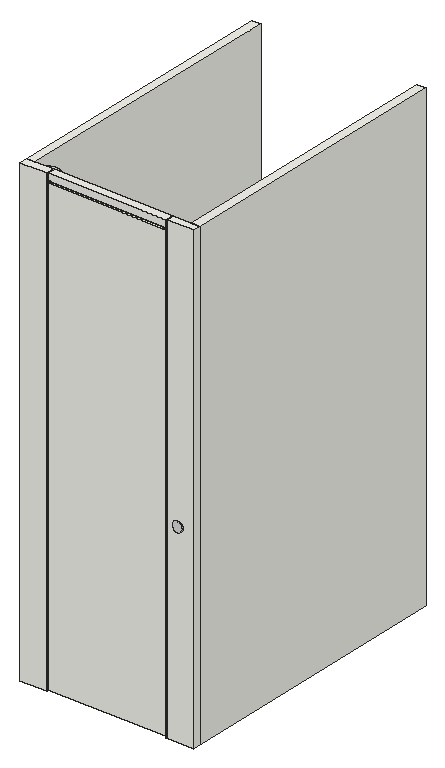
Revit family "Sanitary_Screens-Dividers_Stern-Engineering_WC-Cubicles1", category Specialty Equipment, Revit 2021
Family settings
  Round Connector Dimension = Use Diameter
  Part Type = Normal
  OmniClass Number = 23.25.40.14.14
  OmniClass Title = Sanitary Partitions and Cubicles
  Work Plane-Based = Yes
  Always vertical = Yes
  Cut with Voids When Loaded = No
  Shared = No
  Room Calculation Point = No
Parameters (values of type "Default – Create Custom Cubicles")
  z_Side 2 HPL Panel [instance] = if(Side 2 Divider, 1 = 2, if(Side 2 Panel Only, 1 = 1, 1 = 2))  # no
  z_Side 1 HPL Panel [instance] = if(Side 1 Divider, 1 = 2, if(Side 1 Panel Only, 1 = 1, 1 = 2))  # no
  Width [instance] = Real Door Width + Side 1 Partition Placement + Side 2 Partition Placement  # 895.0 mm
  Swing Side 2 [instance] = not(Swing Side 1)  # no
  Swing Side 1 [instance] = yes
  SplitSeam [instance] = if(Depth > 1540.0 mm, Depth / 2, 1540.0 mm)  # 1540.0 mm
  Side 2 Pilaster Vis [instance] = if([--Side 2 Option] < 1, 1 > 2, 1 < 2)  # yes
  Side 2 Partition Placement [instance] = if(and([--Side 2 Option] < 4, not([--Side 2 Option] = 0)), Side 2 Real Pilaster Width, if(Side 2 Middle Partition Distance from Door < Min Pilaster Width - 42.0 mm, Min Pilaster Width - 42.0 mm, Side 2 Middle Partition Distance from Door) + if([--Side 2 Option] > 3, 0.0 mm, if([--Side 2 Option] = 2, 3.0 mm, 0.0 mm)))  # 140.0 mm
  Voltage = 15 V
  Void offset [instance] = if(Depth > 1540.0 mm, 60.0 mm, 5.0 mm)  # 5.0 mm
  Side 2 Partition Selected [instance] = if([--Side 2 Option] < 1, "No Pilaster or Partition", if([--Side 2 Option] = 1, "End Pilaster NO Partition", if([--Side 2 Option] = 2, "End Pilaster with HPL Finish Panel", if([--Side 2 Option] = 3, "End Pilaster with Standard Partition", if([--Side 2 Option] = 4, "Middle Pilaster NO Partition", "Middle Pilaster with Standard Partition")))))  # "End Pilaster with Standard Partition"
  Side 2 Panel Only [instance] = if([--Side 2 Option] = 2, 1 < 2, 1 > 2)  # no
  Side 2 Real Pilaster Width [instance] = if(Side 2 Desired Pilaster Width < [-- Side 2 Min Required Pilaster Width], [-- Side 2 Min Required Pilaster Width], Side 2 Desired Pilaster Width)  # 140.0 mm
  Side 2 Middle Partition Distance from Door [instance] = 140.0 mm
  Side 2 Divider Positioning [instance] = if(and(Required Clearance for Door Hardware, or([--Side 2 Option] < 1, [--Side 2 Option] = 4)), 1 < 2, 1 > 2)  # no
  Side 2 Divider [instance] = if(or([--Side 2 Option] > 4, [--Side 2 Option] = 3), 1 < 2, 1 > 2)  # yes
  Side 1 Middle Partition Distance from Door [instance] = 140.0 mm
  Hardware Finish [instance] = Stern Engineering - Metal - Brushed
  Frame Finish [instance] = Stern Engineering - Metal - Natural anodized
  Cubicle Finish [instance] = Stern Engineering - HPL - Ivory White
  --Side 2 Option [instance] = 3
  Side 1 Pilaster Vis [instance] = if([--Side 1 Option] < 1, 1 > 2, 1 < 2)  # yes
  Side 1 Partition Selected [instance] = if([--Side 1 Option] < 1, "No Pilaster or Partition", if([--Side 1 Option] = 1, "End Pilaster NO Partition", if([--Side 1 Option] = 2, "End Pilaster with HPL Finish Panel", if([--Side 1 Option] = 3, "End Pilaster with Standard Partition", if([--Side 1 Option] = 4, "Middle Pilaster NO Partition", "Middle Pilaster with Standard Partition")))))  # "End Pilaster with Standard Partition"
  Side 1 Panel Only [instance] = if([--Side 1 Option] = 2, 1 < 2, 1 > 2)  # no
  Side 1 Real Pilaster Width [instance] = if(Side 1 Desired Pilaster Width < [-- Side 1 Min Required Pilaster Width], [-- Side 1 Min Required Pilaster Width], Side 1 Desired Pilaster Width)  # 140.0 mm
  Side 1 Divider Positioning [instance] = if(and(Required Clearance for Door Hardware, or([--Side 1 Option] < 1, [--Side 1 Option] = 4)), 1 < 2, 1 > 2)  # no
  Side 1 Divider [instance] = if(or([--Side 1 Option] > 4, [--Side 1 Option] = 3), 1 < 2, 1 > 2)  # yes
  --Side 1 Option [instance] = 3
  Required Clearance for Door Hardware [instance] = yes
  Real Height [instance] = if(Height > Max Height, Max Height, Height)  # 2400.0 mm
  Side 1 Partition Placement [instance] = if(and([--Side 1 Option] < 4, not([--Side 1 Option] = 0)), Side 1 Real Pilaster Width, if(Side 1 Middle Partition Distance from Door < Min Pilaster Width - 42.0 mm, Min Pilaster Width - 42.0 mm, Side 1 Middle Partition Distance from Door) + if([--Side 1 Option] > 3, 0.0 mm, if([--Side 1 Option] = 2, 3.0 mm, 0.0 mm)))  # 140.0 mm
  z_Electrical Connection [instance] = if(Automatic Door, Electrical Connection, 1 = 2)  # yes
  Real Door Width [instance] = if(Door Width < Min Door Width, Min Door Width, if(Door Width > Max Door Width, Max Door Width, Door Width))  # 615.0 mm
  z_Array Count [instance] = if(z_Electrical Connection, 3, 2)  # 3
  Version = 1
  URL = "https://sternfaucets.com/"
  Top Rail [instance] = 1 = 1  # yes
  Top Clearance [instance] = 7.5 mm
  Toe Clearance [instance] = 7.5 mm
  Side 2 HPL Panel connection [instance] = if(and(z_Side 2 HPL Panel, Depth > 1541.0 mm), 1 = 1, 1 = 2)  # no
  Side 2 divider connection [instance] = if(and(Side 2 Divider, Depth > 1541.0 mm), 1 = 1, 1 = 2)  # no
  Side 2 Desired Pilaster Width [instance] = 140.0 mm
  Sensor [instance] = if(Automatic Door, 1 = 1, 1 = 2)  # yes
  Real Top Clearance [instance] = if(Top Clearance < 7.5 mm, 7.5 mm, Top Clearance)  # 7.5 mm
  Real Toe Clearance [instance] = if(Toe Clearance > Max Toe Clearance, Max Toe Clearance, if(Toe Clearance < Min Toe Clearance, Min Toe Clearance, Toe Clearance))  # 7.5 mm
  Product data url = "https://bimobject.com/stern-engineering/product/touchless-wc-cubicles"
  Power Factor = 1
  Power Connector Description = "Power Connection"  # constant formula
  Side 1 HPL Panel connection [instance] = if(and(z_Side 1 HPL Panel, Depth > 1541.0 mm), 1 = 1, 1 = 2)  # no
  Side 1 divider connection [instance] = if(and(Side 1 Divider, Depth > 1541.0 mm), 1 = 1, 1 = 2)  # no
  Out-swing [instance] = not([In-swing])  # no
  Number of Poles = 1
  Model = "Touchless WC Cubicles"
  Min Height [instance] = 1000.0 mm  # constant formula
  Min Cubicle Width [instance] = Min Door Width + (Min Pilaster Width * 2)  # 895.0 mm
  Max Door Width [instance] = 1000.0 mm  # constant formula
  Manufacturer = "Stern Engineering"  # constant formula
  Manual Door [instance] = no
  Min Pilaster Width [instance] = if(Automatic Door, 140.0 mm, 120.0 mm)  # 140.0 mm
  Min Door Width [instance] = 615.0 mm  # constant formula
  Min Toe Clearance [instance] = 7.5 mm  # constant formula
  Max Individual Partition Depth [instance] = 1520.0 mm  # constant formula
  Max Height [instance] = 2900.0 mm  # constant formula
  Max Toe Clearance [instance] = 228.6 mm  # constant formula
  Side 1 Desired Pilaster Width [instance] = 140.0 mm
  Interior Width [instance] = if(and(Side 1 Divider, Side 2 Divider), Width - 84.0 mm, if(or(Side 1 Divider, Side 2 Divider), Width - 42.0 mm, Width))  # 811.0 mm
  In-swing [instance] = yes
  Height [instance] = 2400.0 mm
  Electrical Connection Offset [instance] = if(and(Automatic Door, Swing Side 2), 120.0 mm + Real Door Width, 0.0 mm)  # 0.0 mm
  Electrical Connection [instance] = yes
  Door Width [instance] = 615.0 mm
  Description = "Fully integrated access system that offers door control from the exterior and interior of the cubicle using hand proximity sensors. The sensor and LED indicator mechanism on the exterior of the system resembles a standard door lock. On the interior of the door, the sensor and LED indicator mechanism appear as a regular circular handle. The system runs using 24 volt electrical power using a transformer from the main power source for up to 4 cubicles together. Wiring happens during manufacturing, no wiring is requiring during the installation."
  Depth [instance] = 1500.0 mm
  Default Elevation = 0.0 mm
  Date Updated = ""
  Date Created = "2023/10/20"
  Current = 0 A
  Automatic Door [instance] = not(Manual Door)  # yes
  Apparent Load = (Voltage * Current) / (Power Factor / Number of Poles)  # 0 VA
  -- Side 2 Min Required Pilaster Width [instance] = if([--Side 2 Option] > 3, (Min Pilaster Width * 2) - 42.0 mm, Min Pilaster Width)  # 140.0 mm
  -- Side 1 Min Required Pilaster Width [instance] = if([--Side 1 Option] > 3, (Min Pilaster Width * 2) - 42.0 mm, Min Pilaster Width)  # 140.0 mm
Reference planes
  plane 1 "Center (Front/Back)": y = 0
  plane 2: z = 0
  plane 3 "Center (Left/Right)": x = -54.5
  plane 4: x = -460
  plane 5: x = 351
  plane 6: y = 1500
  plane 7: y = 42
  plane 8: x = -362
  plane 9: x = 253
  plane 10: z = 2400
  plane 11: x = -502
  plane 12: x = 393
  plane 13: x = 313
  plane 14: x = 313
  plane 15: z = 1000
  plane 16: x = -447
  plane 17: x = -442
  plane 18: y = 1540
  plane 19: x = 338
  plane 20: x = 333
  plane 21: y = 1540
  plane 22: y = -3
  plane 23: y = 89
  plane 24: x = -363.3
  plane 25: x = 254.3
  plane 26: y = 1540
  plane 27: y = 1540
  plane 28: x = 393
  plane 29: x = -502
  plane 30: x = -502
  plane 31: x = -460
  plane 32: x = 393
  plane 33: x = 351
Forms (mm)
  Extrusion 1, solid, material "Stern Engineering - HPL - Ivory White" <- "Cubicle Finish", visible <- "Side 1 Pilaster Vis"
    sketch origin (0, 0, 0) x (1, 0, 0) y (0, 1, 0)
      loop
        line (-502, 0) -> (-363.3, 0) -> (-363.3, 42) -> (-502, 42) -> (-502, 0)
    from 0 to 2400
  Extrusion 2, solid, material "Stern Engineering - HPL - Ivory White" <- "Cubicle Finish", visible <- "Side 2 Pilaster Vis"
    sketch origin (0, 0, 0) x (1, 0, 0) y (0, 1, 0)
      loop
        line (393, 42) -> (254.3, 42) -> (254.3, 0) -> (393, 0) -> (393, 42)
    from 0 to 2400
  Extrusion 3, solid, material "Stern Engineering - HPL - Ivory White" <- "Cubicle Finish", visible <- "z_Side 1 HPL Panel"
    sketch origin (0, 0, 0) x (1, 0, 0) y (0, 1, 0)
      loop
        line (-502, 42) -> (-499, 42) -> (-499, 1500) -> (-502, 1500) -> (-502, 42)
    from 0 to 2400
  Extrusion 4, solid, material "Stern Engineering - HPL - Ivory White" <- "Cubicle Finish", visible <- "z_Side 2 HPL Panel"
    sketch origin (0, 0, 0) x (1, 0, 0) y (0, 1, 0)
      loop
        line (393, 42) -> (393, 1500) -> (390, 1500) -> (390, 42) -> (393, 42)
    from 0 to 2400
  Extrusion 5, solid, material "Stern Engineering - HPL - Ivory White" <- "Cubicle Finish", visible <- "Side 1 Divider"
    sketch origin (0, -157.685, 0) x (1, 0, 0) y (0, 1, 0)
      loop
        line (-502, 199.685) -> (-460, 199.685) -> (-460, 1657.685) -> (-502, 1657.685) -> (-502, 199.685)
    from 0 to 2400
  Extrusion 6, solid, not visible
    sketch origin (958.566, 21, -1000) x (1, 0, 0) y (0, 0, 1)
      loop
        circle (-640.566, 1000) r 5
    from 0 to 1.41
  Extrusion 7, solid, not visible
    sketch origin (958.566, 21, -1000) x (1, 0, 0) y (0, 0, 1)
      loop
        circle (-640.566, 1000) r 5
    from 0 to 1.41
  Extrusion 8, void
    sketch origin (0, 0, 0) x (1, 0, 0) y (0, 1, 0)
      loop
        line (-442, 1540.5) -> (-447, 1540.5) -> (-447, 1539.5) -> (-442, 1539.5) -> (-442, 1540.5)
    from 0 to 2400
  Extrusion 9, void
    sketch origin (0, 0, 0) x (-1, 0, 0) y (0, -1, 0)
      loop
        line (-333, -1540.5) -> (-333, -1539.5) -> (-338, -1539.5) -> (-338, -1540.5) -> (-333, -1540.5)
    from 0 to 2400
  Extrusion 10, solid, material "Stern Engineering - HPL - Ivory White" <- "Cubicle Finish", visible <- "Side 2 Divider"
    sketch origin (0, -157.685, 0) x (-1, 0, 0) y (0, -1, 0)
      loop
        line (-393, -199.685) -> (-393, -1657.685) -> (-351, -1657.685) -> (-351, -199.685) -> (-393, -199.685)
    from 0 to 2400
  Extrusion 11, solid, material "Stern Engineering - Metal - Chrome", visible <- "Sensor"
    sketch origin (0, 0, 0) x (1, 0, 0) y (0, 0, 1)
      loop
        circle (313, 1000) r 26
    from 0 to 3
  Extrusion 12, solid, material "Stern Engineering - Metal - Chrome", visible <- "Sensor"
    sketch origin (0, 0, 0) x (1, 0, 0) y (0, 0, 1)
      loop
        circle (313, 1000) r 22.5
    from -42 to -89
  Extrusion 13, solid, material "Stern Engineering - Metal - Natural anodized" <- "Frame Finish"
    sketch origin (0, 0, 0) x (1, 0, 0) y (0, 1, 0)
      loop
        line (253, 42) -> (253, 0) -> (254.3, 0) -> (254.3, 42) -> (253, 42)
    from 0 to 2400
  Extrusion 14, solid, material "Stern Engineering - Metal - Natural anodized" <- "Frame Finish"
    sketch origin (-52.031, 0, 0) x (-1, 0, 0) y (0, -1, 0)
      loop
        line (309.969, -42) -> (311.269, -42) -> (311.269, 0) -> (309.969, 0) -> (309.969, -42)
    from 0 to 2400
  Extrusion 15, solid, material "Stern Engineering - Metal - Natural anodized" <- "Frame Finish", visible <- "Side 2 divider connection"
    sketch origin (0, 0, 0) x (-1, 0, 0) y (0, -1, 0)
      loop
        line (-394.317, -1542.508) -> (-393, -1542.508) -> (-393, -1540.5) -> (-351, -1540.5) -> (-351, -1542.508) -> (-349.701, -1542.508) -> (-349.701, -1537.492) -> (-351, -1537.492) -> (-351, -1539.5) -> (-393, -1539.5) -> (-393, -1537.492) -> (-394.317, -1537.492) -> (-394.317, -1542.508)
    from 0 to 2400
  Extrusion 16, solid, material "Stern Engineering - Metal - Natural anodized" <- "Frame Finish", visible <- "Side 1 HPL Panel connection"
    sketch origin (0, 0, 0) x (1, 0, 0) y (0, 1, 0)
      loop
        line (-497.701, 1542.508) -> (-499, 1542.508) -> (-499, 1540.5) -> (-502, 1540.5) -> (-502, 1539.5) -> (-499, 1539.5) -> (-499, 1537.492) -> (-497.701, 1537.492) -> (-497.701, 1542.508)
    from 0 to 2400
  Extrusion 17, solid, material "Stern Engineering - Metal - Natural anodized" <- "Frame Finish", visible <- "Side 2 HPL Panel connection"
    sketch origin (0, 0, 0) x (-1, 0, 0) y (0, -1, 0)
      loop
        line (-388.701, -1542.508) -> (-388.701, -1537.492) -> (-390, -1537.492) -> (-390, -1539.5) -> (-393, -1539.5) -> (-393, -1540.5) -> (-390, -1540.5) -> (-390, -1542.508) -> (-388.701, -1542.508)
    from 0 to 2400
  Extrusion 18, solid, not visible
    sketch origin (958.566, 21, -1000) x (1, 0, 0) y (0, 0, 1)
      loop
        circle (-640.566, 1000) r 5
    from 0 to 1.41
  Extrusion 19, solid, material "Stern Engineering - Metal - Natural anodized" <- "Frame Finish", visible <- "Side 1 divider connection"
    sketch origin (0, 0, 0) x (1, 0, 0) y (0, 1, 0)
      loop
        line (-503.317, 1542.508) -> (-503.317, 1537.492) -> (-502, 1537.492) -> (-502, 1539.5) -> (-460, 1539.5) -> (-460, 1537.492) -> (-458.701, 1537.492) -> (-458.701, 1542.508) -> (-460, 1542.508) -> (-460, 1540.5) -> (-502, 1540.5) -> (-502, 1542.508) -> (-503.317, 1542.508)
    from 0 to 2400
  Extrusion 20, solid, material "Stern Engineering - Clearance Zone", visible <- "Side 1 Divider Positioning"
    sketch origin (0, 0, 0) x (1, 0, 0) y (0, 1, 0)
      loop
        line (-502, 42) -> (-460, 42) -> (-460, 1500) -> (-502, 1500) -> (-502, 42)
    from 0 to 2400
  Extrusion 21, solid, material "Stern Engineering - Clearance Zone", visible <- "Side 2 Divider Positioning"
    sketch origin (0, 0, 0) x (1, 0, 0) y (0, 1, 0)
      loop
        line (351, 1500) -> (351, 42) -> (393, 42) -> (393, 1500) -> (351, 1500)
    from 0 to 2400
Cuts and joins
  Extrusion 8, Extrusion 9 cuts Extrusion 3
  Extrusion 8, Extrusion 9 cuts Extrusion 5
  Extrusion 9 cuts Extrusion 2
  Extrusion 9 cuts Extrusion 4
  Extrusion 9 cuts Extrusion 10
Lines and regions (mm)
  Masking region 1, visible <- "Sensor", detail levels medium+fine
    outline origin (0, 0, 0) x (1, 0, 0) y (0, 1, 0)
      loop
        line (335.5, 89) -> (290.5, 89) -> (290.5, 42) -> (335.5, 42) -> (335.5, 89)
      loop
        line (339, 0) -> (287, 0) -> (287, -3) -> (339, -3) -> (339, 0)
  Masking region 2, visible <- "Side 1 Pilaster Vis"
    outline origin (0, 0, 0) x (1, 0, 0) y (0, 1, 0)
      loop
        line (-362, 42) -> (-502, 42) -> (-502, 0) -> (-362, 0) -> (-362, 42)
  Masking region 3, visible <- "Side 1 Divider"
    outline origin (0, 0, 0) x (1, 0, 0) y (0, 1, 0)
      loop
        line (-502, 42) -> (-460, 42) -> (-460, 1500) -> (-502, 1500) -> (-502, 42)
  Masking region 4, visible <- "Side 2 Pilaster Vis"
    outline origin (0, 0, 0) x (1, 0, 0) y (0, 1, 0)
      loop
        line (253, 42) -> (253, 0) -> (393, 0) -> (393, 42) -> (253, 42)
  Masking region 5, visible <- "Side 2 Divider"
    outline origin (0, 0, 0) x (1, 0, 0) y (0, 1, 0)
      loop
        line (351, 42) -> (393, 42) -> (393, 1500) -> (351, 1500) -> (351, 42)
  Masking region 6, visible <- "z_Side 2 HPL Panel"
    outline origin (0, 0, 0) x (1, 0, 0) y (0, 1, 0)
      loop
        line (393, 42) -> (393, 1500) -> (390, 1500) -> (390, 42) -> (393, 42)
  Masking region 7, visible <- "z_Side 1 HPL Panel"
    outline origin (0, 0, 0) x (1, 0, 0) y (0, 1, 0)
      loop
        line (-502, 42) -> (-499, 42) -> (-499, 1500) -> (-502, 1500) -> (-502, 42)
  Masking region 8, visible <- "Side 2 HPL Panel connection"
    outline origin (0, 0, 0) x (1, 0, 0) y (0, 1, 0)
      loop
        line (393, 1539.5) -> (393, 1540.5) -> (390, 1540.5) -> (390, 1542.508) -> (388.701, 1542.508) -> (388.701, 1537.492) -> (390, 1537.492) -> (390, 1539.5) -> (393, 1539.5)
  Masking region 9, visible <- "Side 1 divider connection"
    outline origin (0, 0, 0) x (1, 0, 0) y (0, 1, 0)
      loop
        line (-502, 1542.508) -> (-503.317, 1542.508) -> (-503.317, 1537.492) -> (-502, 1537.492) -> (-502, 1539.5) -> (-460, 1539.5) -> (-460, 1537.492) -> (-458.701, 1537.492) -> (-458.701, 1542.508) -> (-460, 1542.508) -> (-460, 1540.5) -> (-502, 1540.5) -> (-502, 1542.508)
  Masking region 10, visible <- "Side 2 divider connection"
    outline origin (0, 0, 0) x (1, 0, 0) y (0, 1, 0)
      loop
        line (394.317, 1537.492) -> (394.317, 1542.508) -> (393, 1542.508) -> (393, 1540.5) -> (351, 1540.5) -> (351, 1542.508) -> (349.701, 1542.508) -> (349.701, 1537.492) -> (351, 1537.492) -> (351, 1539.5) -> (393, 1539.5) -> (393, 1537.492) -> (394.317, 1537.492)
  Masking region 11, visible <- "Side 1 HPL Panel connection"
    outline origin (0, 0, 0) x (1, 0, 0) y (0, 1, 0)
      loop
        line (-497.701, 1542.508) -> (-499, 1542.508) -> (-499, 1540.5) -> (-502, 1540.5) -> (-502, 1539.5) -> (-499, 1539.5) -> (-499, 1537.492) -> (-497.701, 1537.492) -> (-497.701, 1542.508)
  symbolic lines, style "Clearance", visible <- "Side 1 Divider Positioning"
    curve 1: line (-502, 1500, 0) -> (-460, 1500, 0)
    curve 2: line (-502, 42, 0) -> (-502, 1500, 0)
    curve 3: line (-460, 42, 0) -> (-502, 42, 0)
    curve 4: line (-460, 1500, 0) -> (-460, 42, 0)
  symbolic lines, style "Clearance", visible <- "Side 2 Divider Positioning"
    curve 5: line (351, 1500, 0) -> (393, 1500, 0)
    curve 6: line (351, 42, 0) -> (351, 1500, 0)
    curve 7: line (393, 42, 0) -> (351, 42, 0)
    curve 8: line (393, 1500, 0) -> (393, 42, 0)
Dimensions and locks
  locked: plane 1 "Center (Front/Back)" to plane 7 at 42
  "Real Door Width": plane 8 to plane 9
  "Real Height": plane 10 to level
  plane 4 to plane 5 = 811.0 mm
  locked: plane 11 to plane 4 at 42
  locked: plane 5 to plane 12 at 42
  locked: plane 15 to level at 1000
  locked: plane 14 to plane 9 at 60
  "Electrical Connection Offset": plane 14 to plane 13
  equal spacing: group 1, group 2, group 3  (x3)
  locked: plane 4 to plane 17 at 18
  "Void offset": plane 16 to plane 17
  "SplitSeam": plane 18 to plane 1 "Center (Front/Back)"
  "SplitSeam": plane 21 to plane 1 "Center (Front/Back)"
  locked: plane 20 to plane 5 at 18
  "Void offset": plane 20 to plane 19
  locked: plane 1 "Center (Front/Back)" to plane 22 at 3
  locked: plane 23 to plane 7 at 47
  locked: plane 24 to plane 8 at 1.3
  locked: plane 9 to plane 25 at 1.3
  plane 9 to Extrusion 13 = 1.3 mm
  equal spacing: Extrusion 15 sketch curve, plane 26, Extrusion 15 sketch curve  (x2)
  locked: Extrusion 15 sketch curve to Extrusion 15 sketch curve at 5.015
  locked: Extrusion 15 sketch curve to Extrusion 15 sketch curve at 1
  locked: plane 12 to Extrusion 15 sketch curve at 1.317
  locked: Extrusion 15 sketch curve to plane 5 at 1.299
  "SplitSeam": plane 26 to plane 1 "Center (Front/Back)"
  equal spacing: Extrusion 8 sketch curve, plane 18, Extrusion 8 sketch curve
  locked: Extrusion 8 sketch curve to Extrusion 8 sketch curve at 1
  equal spacing: Extrusion 9 sketch curve, plane 21, Extrusion 9 sketch curve
  locked: Extrusion 9 sketch curve to Extrusion 9 sketch curve at 1
  Extrusion 16 sketch curve to plane 4 = 37.701 mm
  locked: Extrusion 17 sketch curve to Extrusion 17 sketch curve at 1.299
  "Side 1 Partition Placement": plane 11 to plane 8
  "Side 2 Partition Placement": plane 9 to plane 12
  locked: Extrusion 16 sketch curve to Extrusion 16 sketch curve at 3
  locked: Extrusion 16 sketch curve to Extrusion 16 sketch curve at 1.299
  locked: cut or joined group of Extrusion 5, Extrusion 8, Extrusion 9 to Extrusion 3 sketch curve at 3
  locked: Masking region 6 sketch curve to plane 12 at 3
  locked: Extrusion 4 sketch curve to cut or joined group of Extrusion 9, Extrusion 10 at 3
  locked: Extrusion 17 sketch curve to plane 12 at 4.299
  locked: plane 11 to Extrusion 16 sketch curve at 4.299
  equal spacing: Extrusion 19 sketch curve, plane 27, Extrusion 19 sketch curve  (x2)
  locked: Extrusion 19 sketch curve to Extrusion 19 sketch curve at 5.015
  locked: Extrusion 19 sketch curve to Extrusion 19 sketch curve at 1
  locked: Extrusion 19 sketch curve to Extrusion 19 sketch curve at 1.317
  locked: Extrusion 19 sketch curve to Extrusion 19 sketch curve at 1.299
  locked: plane 4 to Extrusion 19 sketch curve at 1.299
  equal spacing: plane 8, plane 3 "Center (Left/Right)", plane 9
  "Depth": plane 1 "Center (Front/Back)" to plane 6
  "SplitSeam": plane 27 to plane 1 "Center (Front/Back)"
  "Side 1 Real Pilaster Width": plane 29 to plane 8
  "Side 2 Real Pilaster Width": plane 9 to plane 28
  locked: plane 33 to plane 32 at 42
  locked: plane 30 to plane 31 at 42
  "Min Pilaster Width": plane 30 to plane 8
  "Min Pilaster Width": plane 9 to plane 32
  aligned and locked: plane 2 to level
  aligned and locked: Extrusion 2 sketch curve to plane 7
  aligned and locked: Extrusion 2 sketch curve to plane 1 "Center (Front/Back)"
  aligned and locked: Extrusion 1 sketch curve to plane 1 "Center (Front/Back)"
  aligned and locked: Extrusion 1 sketch curve to plane 7
  aligned and locked: Extrusion 2 to Extrusion 1
  aligned and locked: Extrusion 3 sketch curve to plane 7
  aligned and locked: plane 6 to Extrusion 3 sketch curve
  aligned and locked: Extrusion 3 to level
  aligned and locked: plane 10 to Extrusion 3
  aligned and locked: plane 6 to Extrusion 4 sketch curve
  aligned and locked: plane 7 to Extrusion 4 sketch curve
  aligned and locked: Extrusion 4 to level
  aligned and locked: plane 10 to Extrusion 4
  aligned and locked: Extrusion 5 to plane 7
  aligned and locked: plane 6 to Extrusion 5
  aligned and locked: plane 16 to Extrusion 8 sketch curve
  aligned and locked: Extrusion 8 sketch curve to plane 17
  aligned and locked: Extrusion 8 to level
  aligned and locked: plane 10 to Extrusion 8
  aligned and locked: Extrusion 5 to level
  aligned and locked: plane 10 to Extrusion 5
  aligned and locked: Extrusion 9 sketch curve to plane 19
  aligned and locked: plane 20 to Extrusion 9 sketch curve
  aligned and locked: plane 12 to Extrusion 10
  aligned and locked: Extrusion 10 to plane 5
  aligned and locked: Extrusion 10 to plane 7
  aligned and locked: Extrusion 10 to plane 6
  aligned and locked: Extrusion 10 to level
  aligned and locked: plane 10 to Extrusion 10
  aligned and locked: Extrusion 9 to level
  aligned and locked: plane 10 to Extrusion 9
  aligned and locked: Extrusion 11 to plane 1 "Center (Front/Back)"
  aligned and locked: plane 22 to Extrusion 11
  aligned and locked: plane 13 to Extrusion 11 sketch curve
  aligned and locked: plane 15 to Extrusion 11 sketch curve
  aligned and locked: plane 13 to Extrusion 12 sketch curve
  aligned and locked: plane 15 to Extrusion 12 sketch curve
  aligned and locked: Extrusion 12 to plane 7
  aligned and locked: Extrusion 12 to plane 23
  aligned and locked: Masking region 1 sketch curve to Extrusion 12  (x3)
  aligned and locked: Extrusion 11 to Masking region 1 sketch curve
  aligned and locked: Masking region 1 sketch curve to Extrusion 11  (x2)
  aligned and locked: Masking region 2 sketch curve to Extrusion 1
  aligned and locked: Extrusion 1 to Masking region 2 sketch curve
  aligned and locked: Masking region 3 sketch curve to Extrusion 1
  aligned and locked: cut or joined group of Extrusion 5, Extrusion 8, Extrusion 9 to Masking region 3 sketch curve
  aligned and locked: plane 6 to Masking region 3 sketch curve
  aligned and locked: plane 4 to Masking region 3 sketch curve
  aligned and locked: Masking region 4 sketch curve to cut or joined group of Extrusion 2, Extrusion 9  (x3)
  aligned and locked: cut or joined group of Extrusion 9, Extrusion 10 to Masking region 5 sketch curve
  aligned and locked: Masking region 5 sketch curve to cut or joined group of Extrusion 9, Extrusion 10  (x3)
  aligned and locked: cut or joined group of Extrusion 4, Extrusion 9 to Masking region 6 sketch curve
  aligned and locked: Masking region 6 sketch curve to cut or joined group of Extrusion 4, Extrusion 9
  aligned and locked: cut or joined group of Extrusion 3, Extrusion 8, Extrusion 9 to Masking region 7 sketch curve  (x2)
  aligned and locked: Masking region 7 sketch curve to cut or joined group of Extrusion 3, Extrusion 8, Extrusion 9  (x2)
  aligned and locked: plane 24 to Extrusion 1
  aligned and locked: Masking region 4 to plane 9
  aligned and locked: cut or joined group of Extrusion 2, Extrusion 9 to plane 25
  aligned and locked: plane 8 to Masking region 2 sketch curve
  aligned and locked: Extrusion 13 sketch curve to plane 7
  aligned and locked: plane 9 to Extrusion 13 sketch curve
  aligned and locked: Extrusion 13 sketch curve to cut or joined group of Extrusion 2, Extrusion 9
  aligned and locked: Extrusion 13 sketch curve to plane 25
  aligned and locked: Extrusion 13 to level
  aligned and locked: plane 10 to Extrusion 13
  aligned and locked: plane 7 to Extrusion 14
  aligned and locked: plane 1 "Center (Front/Back)" to Extrusion 14
  aligned and locked: Extrusion 14 to plane 24
  aligned and locked: plane 8 to Extrusion 14 sketch curve
  aligned and locked: plane 10 to Extrusion 14
  aligned and locked: Extrusion 14 to level
  aligned and locked: plane 10 to Extrusion 1
  aligned and locked: nested 1 to plane 8
  aligned and locked: plane 1 "Center (Front/Back)" to nested 1
  aligned and locked: plane 10 to nested 1
  aligned and locked: Extrusion 15 sketch curve to Extrusion 15 sketch curve  (x2)
  aligned and locked: plane 5 to Extrusion 15 sketch curve  (x2)
  aligned and locked: Extrusion 15 sketch curve to plane 12  (x2)
  aligned and locked: plane 10 to Extrusion 15
  aligned and locked: Extrusion 16 to level
  aligned and locked: plane 10 to Extrusion 16
  aligned and locked: Extrusion 17 sketch curve to Extrusion 17 sketch curve
  aligned and locked: Extrusion 15 to Extrusion 17 sketch curve  (x2)
  aligned and locked: Extrusion 17 sketch curve to Extrusion 15  (x2)
  aligned and locked: Extrusion 17 to Masking region 8 sketch curve  (x3)
  aligned and locked: Masking region 8 sketch curve to Extrusion 17  (x3)
  aligned and locked: plane 10 to Extrusion 17
  aligned and locked: Masking region 10 sketch curve to Extrusion 15  (x12)
  aligned and locked: Extrusion 16 sketch curve to Extrusion 16 sketch curve
  aligned and locked: Extrusion 3 sketch curve to plane 11
  aligned and locked: plane 4 to Extrusion 5 sketch curve
  aligned and locked: plane 12 to Masking region 6 sketch curve
  aligned and locked: Extrusion 4 sketch curve to plane 12
  aligned and locked: Extrusion 17 sketch curve to plane 12
  aligned and locked: Extrusion 16 sketch curve to cut or joined group of Extrusion 5, Extrusion 8, Extrusion 9  (x2)
  aligned and locked: Masking region 11 sketch curve to Extrusion 16  (x8)
  aligned and locked: Extrusion 19 sketch curve to Extrusion 19 sketch curve  (x4)
  aligned and locked: Extrusion 19 to Masking region 9 sketch curve  (x3)
  aligned and locked: Masking region 9 sketch curve to Extrusion 19  (x9)
  aligned and locked: plane 10 to Extrusion 19
  aligned and locked: Extrusion 18 to plane 13
  aligned and locked: Extrusion 6 to plane 13
  aligned and locked: Extrusion 5 sketch curve to plane 11
  aligned and locked: Extrusion 1 to plane 29
  aligned and locked: Masking region 2 to plane 29
  aligned and locked: plane 28 to Extrusion 2
  aligned and locked: plane 6 to Extrusion 20 sketch curve
  aligned and locked: Extrusion 20 sketch curve to plane 7
  aligned and locked: plane 10 to Extrusion 20
  aligned and locked: curve 1 to Extrusion 20
  aligned and locked: curve 3 to Extrusion 20
  aligned and locked: plane 7 to Extrusion 21 sketch curve
  aligned and locked: plane 6 to Extrusion 21 sketch curve
  aligned and locked: curve 5 to Extrusion 21
  aligned and locked: curve 7 to Extrusion 21
  aligned and locked: plane 10 to Extrusion 21
  aligned and locked: Extrusion 20 sketch curve to plane 30
  aligned and locked: Extrusion 20 sketch curve to plane 31
  aligned and locked: plane 32 to Extrusion 21 sketch curve
  aligned and locked: Extrusion 21 sketch curve to plane 33
Automatic sketch dimensions
  Extrusion 2 sketch curve to plane 25 = 0.0 mm
  plane 12 to Extrusion 2 sketch curve = 0.0 mm
  Extrusion 5 sketch curve to plane 7 = 0.0 mm
  Extrusion 5 sketch curve to plane 6 = 0.0 mm
  plane 6 to Extrusion 10 sketch curve = 0.0 mm
  Extrusion 10 sketch curve to plane 12 = 0.0 mm
  Extrusion 10 sketch curve to plane 5 = 0.0 mm
  plane 7 to Extrusion 10 sketch curve = 0.0 mm
  Masking region 4 sketch curve to plane 9 = 0.0 mm
  plane 1 "Center (Front/Back)" to Extrusion 14 sketch curve = 0.0 mm
  Extrusion 14 sketch curve to plane 24 = 0.0 mm
  Extrusion 14 sketch curve to plane 7 = 0.0 mm
  Extrusion 16 sketch curve to Extrusion 16 sketch curve = 2.008 mm  (x2)
  Masking region 8 sketch curve to Masking region 8 sketch curve = 1.299 mm
  Masking region 8 sketch curve to Masking region 8 sketch curve = 0.0 mm
  Masking region 1 sketch curve to plane 13 = 26.0 mm
  Masking region 1 sketch curve to plane 13 = 22.5 mm
  Extrusion 1 sketch curve to plane 24 = 0.0 mm
  plane 29 to Extrusion 1 sketch curve = 0.0 mm
  plane 29 to Masking region 2 sketch curve = 0.0 mm
  curve 3 to plane 30 = 0.0 mm
  curve 3 to plane 31 = 0.0 mm
  curve 5 to plane 32 = 0.0 mm
  curve 5 to plane 33 = 0.0 mm
  Extrusion 19 sketch curve to plane 11 = 0.0 mm
  radius of Extrusion 6 sketch curve = 5.0 mm
  radius of Extrusion 7 sketch curve = 5.0 mm
  radius of Extrusion 18 sketch curve = 5.0 mm
  radius of Extrusion 11 sketch curve = 26.0 mm
  radius of Extrusion 12 sketch curve = 22.5 mm
Nested families
  nested 1: "Door_new" at (-54.5, 0, 0), Inswing <- "In-swing", Left Handed <- "Swing Side 1", Manual Door <- "Manual Door", Outswing <- "Out-swing", Right Handed <- "Swing Side 2", Automatic Door <- "Automatic Door", Door Materials <- "Cubicle Finish", Handle Materials <- "Hardware Finish", Profile Materials <- "Frame Finish", Door Width <- "Real Door Width", Door Height <- "Real Height", Top Plank <- "Top Rail", Toe Clearance Top <- "Real Top Clearance", Toe Clearance Bottom <- "Real Toe Clearance", type "Door_new"
    with z_Top 38.0 mm, z_Right Handed Out no, z_Right Handed In no, z_Left Handed Out no, z_Left Handed In yes, Top Plank yes, Toe Clearance Top 7.5 mm, Toe Clearance Bottom 7.5 mm, Right Side Pusher no, Right Side Handle no, Right Handed no, Profile Materials Stern Engineering - Metal - Natural anodized, Outswing no, Manual Door no, Left Side Pusher yes, Left Side Handle no, Left Handed yes, Inswing yes, Handle Materials Stern Engineering - Metal - Brushed, Door Width 615.0 mm, Door Materials Stern Engineering - HPL - Ivory White, Door Height 2400.0 mm, Automatic Door yes
Connectors
  electrical at (318, 21, 0), driven by "Number of Poles", driven by "Power Connector Description", driven by "Voltage", driven by "Apparent Load", driven by "Power Factor"
    settings: on Extrusion 18, index 1, voltage 15 V, apparent load 0 VA, apparent load phase1 0 VA, apparent load phase2 0 VA, apparent load phase3 0 VA, power factor 1, load classification "Other", number of poles 1, system type 31, power factor state 1, is connector primary yes, connector utility no, sub classification motor no, connector description "Power Connection"
Definition of nested family "Door_new"
  Parameters (values of type "Door_new")
    z_Top [instance] = if(Top Plank, 38.0 mm, 0.0 mm)  # 38.0 mm
    Top Plank [instance] = yes
    Toe Clearance Top [instance] = 7.0 mm
    Right Side Pusher [instance] = if(and(Automatic Door, Right Handed), 1 = 1, 1 = 2)  # yes
    Right Side Handle [instance] = if(and(Manual Door, Right Handed), 1 = 1, 1 = 2)  # no
    Right Handed [instance] = yes
    Profile Materials [instance] = none
    Outswing [instance] = yes
    Left Side Pusher [instance] = if(and(Automatic Door, Left Handed), 1 = 1, 1 = 2)  # no
    Left Handed [instance] = no
    Inswing [instance] = no
    z_Right Handed Out [instance] = if(and(Outswing, Right Handed), 1 = 1, 1 = 2)  # yes
    z_Right Handed In [instance] = if(and(Inswing, Right Handed), 1 = 1, 1 = 2)  # no
    z_Left Handed Out [instance] = if(and(Outswing, Left Handed), 1 = 1, 1 = 2)  # no
    Manual Door [instance] = no
    z_Left Handed In [instance] = if(and(Inswing, Left Handed), 1 = 1, 1 = 2)  # no
    Handle Materials [instance] = none
    Door Width [instance] = 665.64 mm
    Door Materials [instance] = none
    Door Height [instance] = 2400.0 mm
    Toe Clearance Bottom [instance] = 7.5 mm
    Default Elevation = 0.0 mm
    Automatic Door [instance] = yes
    Left Side Handle [instance] = if(and(Manual Door, Left Handed), 1 = 1, 1 = 2)  # no
  Reference planes
    plane 1 "Center (Front/Back)": y = 0
    plane 2: z = 0
    plane 3 "Center (Left/Right)": x = 0
    plane 4: x = -332.82
    plane 5: x = 332.82
    plane 6: z = 2400
    plane 7: z = 7.5
    plane 8: z = 2355
    plane 9: z = 2362
    plane 10: y = 21
    plane 11: y = 42
    plane 12: x = -331.52
    plane 13: x = 331.52
    plane 14: z = 2400
    plane 15: x = -232.82
    plane 16: x = 232.82
    plane 17: z = 1000
    plane 18: x = 392.82
    plane 19: x = -392.82
    plane 20: z = 2363.3
  Forms (mm)
    Extrusion 1, solid, material <- "Door Materials"
      sketch origin (0, 0, 0) x (1, 0, 0) y (0, 1, 0)
        loop
          line (-331.52, 42) -> (-331.52, 0) -> (331.52, 0) -> (331.52, 42) -> (-331.52, 42)
      from 7.5 to 2355
    Extrusion 2, solid, material <- "Profile Materials"
      sketch origin (0, 0, 0) x (1, 0, 0) y (0, 1, 0)
        loop
          line (-332.82, 42) -> (-332.82, 0) -> (-331.52, 0) -> (-331.52, 42) -> (-332.82, 42)
        loop
          line (332.82, 42) -> (331.52, 42) -> (331.52, 0) -> (332.82, 0) -> (332.82, 42)
      from 7.5 to 2355
    Extrusion 3, solid, material <- "Door Materials", visible <- "Top Plank"
      sketch origin (0, 0, 0) x (1, 0, 0) y (0, 0, 1)
        loop
          line (-332.82, 2400) -> (-332.82, 2363.3) -> (332.82, 2363.3) -> (332.82, 2400) -> (-332.82, 2400)
      from -42 to 0
    Extrusion 4, solid, material <- "Profile Materials", visible <- "Top Plank"
      sketch origin (0, 0, 0) x (1, 0, 0) y (0, 0, 1)
        loop
          line (-332.82, 2363.3) -> (-332.82, 2362) -> (332.82, 2362) -> (332.82, 2363.3) -> (-332.82, 2363.3)
      from -42 to 0
  Lines and regions (mm)
    Masking region 1
      outline origin (0, 0, 0) x (1, 0, 0) y (0, 1, 0)
        loop
          line (-332.82, 42) -> (-332.82, 0) -> (332.82, 0) -> (332.82, 42) -> (-332.82, 42)
    symbolic lines, visible <- "z_Left Handed In"
      curve 1: line (-332.82, 42, 0) -> (-332.82, 707.64, 0)
      curve 2: arc (-332.82, 707.64, 0) -> (137.859, 512.679, 0) -> (332.82, 42, 0) r 665.64
    symbolic lines, visible <- "z_Right Handed In"
      curve 3: line (332.82, 42, 0) -> (332.82, 707.64, 0)
      curve 4: arc (332.82, 707.64, 0) -> (-137.859, 512.679, 0) -> (-332.82, 42, 0) r 665.64
    symbolic lines, visible <- "z_Right Handed Out"
      curve 5: line (332.82, 0, 0) -> (332.82, -665.64, 0)
      curve 6: arc (332.82, -665.64, 0) -> (-137.859, -470.679, 0) -> (-332.82, 0, 0) r 665.64
    symbolic lines, visible <- "z_Left Handed Out"
      curve 7: line (-332.82, 0, 0) -> (-332.82, -665.64, 0)
      curve 8: arc (-332.82, -665.64, 0) -> (137.859, -470.679, 0) -> (332.82, 0, 0) r 665.64
  Dimensions and locks
    equal spacing: plane 4, plane 3 "Center (Left/Right)", plane 5
    "Door Width": plane 4 to plane 5
    "Door Height": plane 6 to level
    "Toe Clearance Bottom": plane 7 to level
    equal spacing: plane 11, plane 10, plane 1 "Center (Front/Back)"
    locked: plane 11 to plane 1 "Center (Front/Back)" at 42
    equal spacing: plane 12, plane 3 "Center (Left/Right)", plane 13
    locked: plane 13 to plane 5 at 1.3
    "Toe Clearance Top": plane 9 to plane 8
    plane 14 to plane 9 = 38.0 mm
    "Door Width": curve 1 to plane 11
    "Door Width": curve 3 to plane 11
    "Door Width": curve 5 to plane 1 "Center (Front/Back)"
    "Door Width": curve 7 to plane 1 "Center (Front/Back)"
    locked: plane 4 to plane 15 at 100
    locked: plane 16 to plane 5 at 100
    locked: plane 17 to level at 1000
    locked: plane 5 to nested 4 at 51
    locked: nested 3 to plane 4 at 51
    locked: plane 5 to plane 18 at 60
    plane 19 to plane 18 = 785.64 mm
    locked: plane 8 to nested 4 at 5
    locked: plane 8 to nested 3 at 5
    "z_Top": plane 6 to plane 9
    locked: plane 20 to plane 9 at 1.3
    aligned and locked: plane 2 to level
    aligned and locked: Extrusion 1 sketch curve to plane 11
    aligned and locked: plane 12 to Extrusion 1 sketch curve
    aligned and locked: Extrusion 1 sketch curve to plane 1 "Center (Front/Back)"
    aligned and locked: plane 13 to Extrusion 1 sketch curve
    aligned and locked: Extrusion 1 to plane 7
    aligned and locked: Extrusion 2 sketch curve to plane 11  (x2)
    aligned and locked: plane 4 to Extrusion 2 sketch curve
    aligned and locked: Extrusion 2 sketch curve to Extrusion 1  (x3)
    aligned and locked: Extrusion 2 sketch curve to plane 5
    aligned and locked: Extrusion 1 to Extrusion 2 sketch curve
    aligned and locked: Extrusion 2 to plane 7
    aligned and locked: Extrusion 3 sketch curve to plane 14
    aligned and locked: plane 4 to Extrusion 3 sketch curve
    aligned and locked: plane 5 to Extrusion 3 sketch curve
    aligned and locked: plane 11 to Extrusion 3
    aligned and locked: plane 1 "Center (Front/Back)" to Extrusion 3
    aligned and locked: Extrusion 1 to plane 8
    aligned and locked: Extrusion 2 to plane 8
    aligned and locked: plane 4 to curve 1
    aligned and locked: plane 11 to curve 1
    aligned and locked: plane 11 to curve 2
    aligned and locked: plane 4 to curve 2
    aligned and locked: curve 3 to plane 5
    aligned and locked: curve 3 to plane 11
    aligned and locked: curve 4 to Extrusion 2
    aligned and locked: plane 5 to curve 4
    aligned and locked: plane 1 "Center (Front/Back)" to curve 5
    aligned and locked: plane 1 "Center (Front/Back)" to curve 6
    aligned and locked: plane 5 to curve 6
    aligned and locked: curve 7 to plane 4
    aligned and locked: plane 1 "Center (Front/Back)" to curve 7
    aligned and locked: plane 1 "Center (Front/Back)" to curve 8
    aligned and locked: plane 4 to curve 8
    aligned and locked: Masking region 1 sketch curve to Extrusion 2  (x4)
    aligned and locked: nested 1 to plane 15
    aligned and locked: nested 2 to plane 16
    aligned and locked: plane 17 to nested 1
    aligned and locked: nested 2 to plane 17
    aligned and locked: nested 3 to plane 11
    aligned and locked: nested 4 to plane 11
    aligned and locked: Extrusion 3 sketch curve to plane 20
    aligned and locked: Extrusion 4 sketch curve to Extrusion 3  (x2)
    aligned and locked: Extrusion 4 sketch curve to plane 9
    aligned and locked: plane 5 to Extrusion 4 sketch curve
    aligned and locked: plane 11 to Extrusion 4
    aligned and locked: plane 1 "Center (Front/Back)" to Extrusion 4
  Automatic sketch dimensions
    plane 1 "Center (Front/Back)" to Extrusion 2 sketch curve = 0.0 mm
  Nested families
    nested 1: "Handle" at (-232.82, 0, 1000), Material <- "Handle Materials", visible <- "Right Side Handle", type "Handle"
      with Material none
    nested 2: "Handle" at (232.82, 0, 1000) x (-1, 0, 0) z (0, 0, 1), Material <- "Handle Materials", visible <- "Left Side Handle", type "Handle"
      with Material none
    nested 3: "Door Pusher" at (-383.82, 42, 2155), visible <- "Left Side Pusher", type "Door Pusher"
      with Material none
    nested 4: "Door Pusher" at (383.82, 42, 2155) x (-1, 0, 0) z (0, 0, 1), visible <- "Right Side Pusher", type "Door Pusher"
      with Material none
  Definition of nested family "Handle"
    Parameters (values of type "Handle")
      Material [instance] = none
      Default Elevation = 0.0 mm
    Reference planes
      plane 1 "Center (Front/Back)": y = 0
      plane 2: z = 0
      plane 3 "Center (Left/Right)": x = 0
      plane 4: y = -10
      plane 5: y = 42
      plane 6: y = 21
      plane 7: z = 0
    Forms (mm)
      Extrusion 1, solid, material <- "Material"
        sketch origin (0, 0, 0) x (1, 0, 0) y (0, 0, 1)
          loop
            circle (0, 0) r 25
        from 0 to 10
      Sweep 2, solid, material <- "Material"
        path origin (0, 0, 0) x (1, 0, 0) y (0, 1, 0)
          loop
            line (0, -10) -> (0, -30)
            arc (0, -30) -> (2.929, -37.071) -> (10, -40) r 10
            line (10, -40) -> (80, -40)
            arc (80, -40) -> (87.071, -37.071) -> (90, -30) r 10
            line (90, -30) -> (90, -15)
        profile origin (0, -20, 0) x (1, 0, 0) y (0, 0, 1)
          loop
            circle (0, 0) r 8.75
      Extrusion 3, solid, material <- "Material"
        sketch origin (0, 0, 0) x (1, 0, 0) y (0, 0, 1)
          loop
            circle (0, -85.173) r 25
        from 0 to 10
      Extrusion 4, solid, material <- "Material"
        sketch origin (0, 42, 0) x (1, 0, 0) y (0, 0, -1)
          loop
            circle (0, 0) r 25
        from 0 to 10
      Sweep 5, solid, material <- "Material"
        path origin (0, 42, 0) x (1, 0, 0) y (0, 1, 0)
          loop
            line (0, 10) -> (0, 30)
            arc (0, 30) -> (2.929, 37.071) -> (10, 40) r 10
            line (10, 40) -> (80, 40)
            arc (80, 40) -> (87.071, 37.071) -> (90, 30) r 10
            line (90, 30) -> (90, 15)
        profile origin (0, 62, 0) x (-1, 0, 0) y (0, 0, 1)
          loop
            circle (0, 0) r 8.75
      Extrusion 6, solid, material <- "Material"
        sketch origin (0, 42, 0) x (1, 0, 0) y (0, 0, -1)
          loop
            circle (0, 85.173) r 25
        from 0 to 10
    Lines and regions (mm)
      Masking region 1, detail levels medium+fine
        outline origin (0, 0, 0) x (1, 0, 0) y (0, 1, 0)
          loop
            line (-25.014, 52) -> (-25.014, 42) -> (24.986, 42) -> (24.986, 52) -> (-25.014, 52)
          loop
            line (-25.014, -10) -> (24.986, -10) -> (24.986, 0) -> (-25.014, 0) -> (-25.014, -10)
      Masking region 2, detail levels medium+fine
        outline origin (0, 0, 0) x (1, 0, 0) y (0, 1, 0)
          loop
            line (81.229, 57) -> (98.683, 57) -> (98.683, 72.075)
            arc (98.683, 72.075) -> (93.212, 85.284) -> (80.003, 90.755) r 18.68
            line (80.003, 90.755) -> (10.003, 90.755)
            arc (10.003, 90.755) -> (-2.827, 85.696) -> (-8.75, 73.242) r 18.797
            line (-8.75, 73.242) -> (-8.75, 52) -> (8.75, 52) -> (8.75, 72)
            arc (8.75, 72) -> (9.114, 72.878) -> (9.992, 73.242) r 1.242
            line (9.992, 73.242) -> (80.046, 73.242)
            arc (80.046, 73.242) -> (80.93, 72.848) -> (81.229, 71.928) r 1.19
            line (81.229, 71.928) -> (81.229, 57)
      Masking region 3, detail levels medium+fine
        outline origin (0, 42, 0) x (1, 0, 0) y (0, 1, 0)
          loop
            line (81.229, -57) -> (81.229, -71.928)
            arc (81.229, -71.928) -> (80.93, -72.848) -> (80.046, -73.242) r 1.19
            line (80.046, -73.242) -> (9.992, -73.242)
            arc (9.992, -73.242) -> (9.114, -72.878) -> (8.75, -72) r 1.242
            line (8.75, -72) -> (8.75, -52) -> (-8.75, -52) -> (-8.75, -73.242)
            arc (-8.75, -73.242) -> (-2.827, -85.696) -> (10.003, -90.755) r 18.797
            line (10.003, -90.755) -> (80.003, -90.755)
            arc (80.003, -90.755) -> (93.212, -85.284) -> (98.683, -72.075) r 18.68
            line (98.683, -72.075) -> (98.683, -57) -> (81.229, -57)
    Dimensions and locks
      plane 1 "Center (Front/Back)" to plane 4 = 10.0 mm
      locked: plane 5 to plane 1 "Center (Front/Back)" at 42
      locked: plane 6 to plane 1 "Center (Front/Back)" at 21
      aligned and locked: plane 2 to level
      aligned and locked: Extrusion 1 to plane 1 "Center (Front/Back)"
      aligned and locked: Extrusion 1 to plane 4
      aligned and locked: Extrusion 3 to Extrusion 1
      aligned and locked: Extrusion 3 to plane 1 "Center (Front/Back)"
      aligned and locked: Extrusion 4 to plane 5
      aligned and locked: Extrusion 6 to plane 5
      aligned and locked: Masking region 1 sketch curve to Extrusion 6  (x2)
      aligned and locked: Masking region 1 sketch curve to plane 1 "Center (Front/Back)"
      aligned and locked: Masking region 2 sketch curve to Sweep 5  (x2)
      aligned and locked: plane 4 to Masking region 3
      aligned and locked: Sweep 2 to Masking region 3
      aligned and locked: level to plane 7
    Automatic sketch dimensions
      Extrusion 1 sketch curve to level = 0.0 mm
      Extrusion 1 sketch curve to plane 3 "Center (Left/Right)" = 0.0 mm
      Sweep 2 sketch curve to plane 3 "Center (Left/Right)" = 0.0 mm
      Sweep 2 sketch curve to plane 4 = 0.0 mm
      plane 3 "Center (Left/Right)" to Sweep 2 sketch curve = 10.0 mm
      Sweep 2 sketch curve to plane 4 = 30.0 mm
      Sweep 2 sketch curve to Sweep 2 sketch curve = 70.0 mm
      Sweep 2 sketch curve to Sweep 2 sketch curve = 10.0 mm
      Sweep 2 sketch curve to plane 4 = 5.0 mm
      Sweep 2 sketch curve to level = 0.0 mm
      profile plane to Sweep 2 sketch curve = 0.0 mm
      Extrusion 3 sketch curve to plane 3 "Center (Left/Right)" = 0.0 mm
      Extrusion 3 sketch curve to level = 85.173 mm
      Extrusion 4 sketch curve to level = 0.0 mm
      Extrusion 4 sketch curve to plane 3 "Center (Left/Right)" = 0.0 mm
      Sweep 5 sketch curve to plane 3 "Center (Left/Right)" = 0.0 mm
      plane 3 "Center (Left/Right)" to Sweep 5 sketch curve = 10.0 mm
      Sweep 5 sketch curve to Sweep 5 sketch curve = 70.0 mm
      Sweep 5 sketch curve to Sweep 5 sketch curve = 10.0 mm
      plane 5 to Sweep 5 sketch curve = 30.0 mm
      plane 5 to Sweep 5 sketch curve = 15.0 mm
      plane 5 to Sweep 5 sketch curve = 10.0 mm
      Sweep 5 sketch curve to level = 0.0 mm
      Sweep 5 sketch curve to profile plane = 0.0 mm
      Extrusion 6 sketch curve to plane 3 "Center (Left/Right)" = 0.0 mm
      Extrusion 6 sketch curve to level = 85.173 mm
      Masking region 1 sketch curve to plane 4 = 0.0 mm
      Masking region 1 sketch curve to plane 3 "Center (Left/Right)" = 25.014 mm  (x2)
      plane 3 "Center (Left/Right)" to Masking region 1 sketch curve = 24.986 mm  (x2)
      Masking region 2 sketch curve to plane 3 "Center (Left/Right)" = 8.75 mm
      plane 3 "Center (Left/Right)" to Masking region 2 sketch curve = 8.75 mm
      Masking region 2 sketch curve to Masking region 2 sketch curve = 1.242 mm
      Masking region 2 sketch curve to Masking region 2 sketch curve = 0.0 mm
      plane 3 "Center (Left/Right)" to Masking region 2 sketch curve = 10.003 mm
      Masking region 2 sketch curve to Masking region 2 sketch curve = 70.0 mm
      Masking region 2 sketch curve to Masking region 2 sketch curve = 0.043 mm
      Masking region 2 sketch curve to Masking region 2 sketch curve = 1.183 mm
      Masking region 2 sketch curve to Masking region 2 sketch curve = 17.454 mm
      Masking region 2 sketch curve to Masking region 2 sketch curve = 14.928 mm
      Masking region 2 sketch curve to Masking region 2 sketch curve = 19.958 mm
      Masking region 2 sketch curve to Masking region 2 sketch curve = 0.042 mm
      Masking region 2 sketch curve to Masking region 2 sketch curve = 15.075 mm
      Masking region 3 sketch curve to plane 4 = 0.0 mm
      Masking region 3 sketch curve to plane 3 "Center (Left/Right)" = 8.75 mm
      plane 3 "Center (Left/Right)" to Masking region 3 sketch curve = 8.75 mm
      Masking region 3 sketch curve to Masking region 3 sketch curve = 1.242 mm  (x2)
      plane 3 "Center (Left/Right)" to Masking region 3 sketch curve = 10.003 mm
      Masking region 3 sketch curve to plane 4 = 38.755 mm
      Masking region 3 sketch curve to Masking region 3 sketch curve = 70.0 mm
      Masking region 3 sketch curve to Masking region 3 sketch curve = 0.043 mm
      Masking region 3 sketch curve to Masking region 3 sketch curve = 1.183 mm
      Masking region 3 sketch curve to Masking region 3 sketch curve = 17.454 mm
      Masking region 3 sketch curve to Masking region 3 sketch curve = 1.167 mm
      Masking region 3 sketch curve to Masking region 3 sketch curve = 0.023 mm
      Masking region 3 sketch curve to plane 4 = 5.0 mm
      radius of Extrusion 1 sketch curve = 25.0 mm
      radius of Sweep 2 sketch curve = 8.75 mm
      radius of Extrusion 3 sketch curve = 25.0 mm
      radius of Extrusion 4 sketch curve = 25.0 mm
      radius of Sweep 5 sketch curve = 8.75 mm
      radius of Extrusion 6 sketch curve = 25.0 mm
  Definition of nested family "Door Pusher"
    Parameters (values of type "Door Pusher")
      Material [instance] = none
      Default Elevation = 0.0 mm
    Reference planes
      plane 1 "Center (Front/Back)": y = 0
      plane 2: z = 0
      plane 3 "Center (Left/Right)": x = 0
      plane 4: x = -43.5
      plane 5: x = 43.5
      plane 6: y = 77
      plane 7: z = 200
      plane 8: z = 177
      plane 9: z = 167
      plane 10: z = 195
    Forms (mm)
      Extrusion 1, solid, material <- "Material"
        sketch origin (0, 0, 0) x (1, 0, 0) y (0, 1, 0)
          loop
            line (-43.5, 0) -> (43.5, 0) -> (43.5, 40)
            arc (43.5, 40) -> (32.663, 66.163) -> (6.5, 77) r 37
            line (6.5, 77) -> (-6.5, 77)
            arc (-6.5, 77) -> (-32.663, 66.163) -> (-43.5, 40) r 37
            line (-43.5, 40) -> (-43.5, 0)
        from 0 to 200
      Extrusion 2, solid, material <- "Material"
        sketch origin (0, 0, 0) x (1, 0, 0) y (0, 1, 0)
          loop
            line (43.5, 20) -> (174.5, 20)
            arc (174.5, 20) -> (182.985, 23.515) -> (186.5, 32) r 12
            line (186.5, 32) -> (186.5, 33)
            arc (186.5, 33) -> (182.985, 41.485) -> (174.5, 45) r 12
            line (174.5, 45) -> (43.161, 45)
            arc (43.161, 45) -> (43.415, 42.506) -> (43.5, 40) r 37
            line (43.5, 40) -> (43.5, 20)
        from 167 to 177
      Extrusion 3, solid, material <- "Material"
        sketch origin (0, 0, 0) x (1, 0, 0) y (0, 1, 0)
          loop
            line (143.688, 0) -> (186.688, 0) -> (186.688, 5) -> (176.688, 5) -> (176.688, 35.998) -> (153.688, 35.998) -> (153.688, 5) -> (143.688, 5) -> (143.688, 0)
        from 177 to 195
    Lines and regions (mm)
      Masking region 1, detail levels medium+fine
        outline origin (0, 0, 0) x (1, 0, 0) y (0, 1, 0)
          loop
            line (-43.5, 40) -> (-43.5, 0) -> (43.5, 0) -> (43.5, 40)
            arc (43.5, 40) -> (32.663, 66.163) -> (6.5, 77) r 37
            line (6.5, 77) -> (-6.5, 77)
            arc (-6.5, 77) -> (-32.663, 66.163) -> (-43.5, 40) r 37
      Masking region 2, detail levels medium+fine
        outline origin (0, 0, 0) x (1, 0, 0) y (0, 1, 0)
          loop
            line (174.5, 45) -> (43.161, 45)
            arc (43.161, 45) -> (43.415, 42.506) -> (43.5, 40) r 37
            line (43.5, 40) -> (43.5, 20) -> (153.688, 20) -> (153.688, 5) -> (143.688, 5) -> (143.688, 0) -> (186.688, 0) -> (186.688, 5) -> (176.688, 5) -> (176.688, 20.523)
            arc (176.688, 20.523) -> (183.956, 24.903) -> (186.5, 33) r 11.982
            arc (186.5, 33) -> (182.985, 41.485) -> (174.5, 45) r 12
    Dimensions and locks
      equal spacing: plane 4, plane 3 "Center (Left/Right)", plane 5
      locked: plane 4 to plane 5 at 87
      locked: plane 6 to plane 1 "Center (Front/Back)" at 77
      plane 1 "Center (Front/Back)" to Extrusion 1 sketch curve = 40.0 mm
      locked: Extrusion 1 sketch curve to plane 3 "Center (Left/Right)" at 6.5
      locked: plane 3 "Center (Left/Right)" to Extrusion 1 sketch curve at 6.5
      locked: plane 1 "Center (Front/Back)" to Extrusion 1 sketch curve at 40
      locked: plane 7 to level at 200
      locked: Extrusion 2 sketch curve to Extrusion 2 sketch curve at 25
      locked: Extrusion 1 to Extrusion 2 sketch curve at 143
      locked: plane 7 to plane 8 at 23
      locked: plane 8 to plane 9 at 10
      locked: plane 1 "Center (Front/Back)" to Extrusion 3 sketch curve at 5
      locked: Extrusion 3 sketch curve to Extrusion 3 sketch curve at 10  (x2)
      locked: Extrusion 3 sketch curve to Extrusion 3 sketch curve at 43
      locked: Extrusion 3 sketch curve to plane 1 "Center (Front/Back)" at 35.998
      locked: plane 10 to plane 8 at 18
      aligned and locked: plane 2 to level
      aligned and locked: plane 1 "Center (Front/Back)" to Extrusion 1 sketch curve
      aligned and locked: Extrusion 1 sketch curve to plane 4
      aligned and locked: plane 6 to Extrusion 1 sketch curve
      aligned and locked: Extrusion 1 sketch curve to plane 5
      aligned and locked: plane 7 to Extrusion 1
      aligned and locked: Extrusion 1 to level
      aligned and locked: Extrusion 1 to Extrusion 2 sketch curve
      aligned and locked: Extrusion 2 sketch curve to Extrusion 1
      aligned and locked: plane 8 to Extrusion 2
      aligned and locked: Extrusion 2 to plane 9
      aligned and locked: Extrusion 3 sketch curve to Extrusion 3 sketch curve
      aligned and locked: Extrusion 3 to Extrusion 2
      aligned and locked: plane 10 to Extrusion 3
      aligned and locked: Masking region 1 sketch curve to Extrusion 1  (x4)
      aligned and locked: Masking region 2 sketch curve to Extrusion 2  (x2)
      aligned and locked: Masking region 2 sketch curve to Extrusion 3  (x6)
      aligned and locked: Extrusion 3 to Masking region 2 sketch curve
      aligned and locked: Extrusion 1 to Masking region 2 sketch curve
      aligned and locked: Masking region 2 sketch curve to Extrusion 1
    Automatic sketch dimensions
      Extrusion 2 sketch curve to Extrusion 2 sketch curve = 0.339 mm
      Extrusion 2 sketch curve to Extrusion 2 sketch curve = 0.0 mm
      Extrusion 2 sketch curve to Extrusion 2 sketch curve = 1.0 mm
      plane 1 "Center (Front/Back)" to Extrusion 3 sketch curve = 0.0 mm
      plane 3 "Center (Left/Right)" to Extrusion 3 sketch curve = 143.688 mm
      Masking region 2 sketch curve to Masking region 2 sketch curve = 0.038 mm
      Masking region 2 sketch curve to Masking region 2 sketch curve = 0.69 mm
